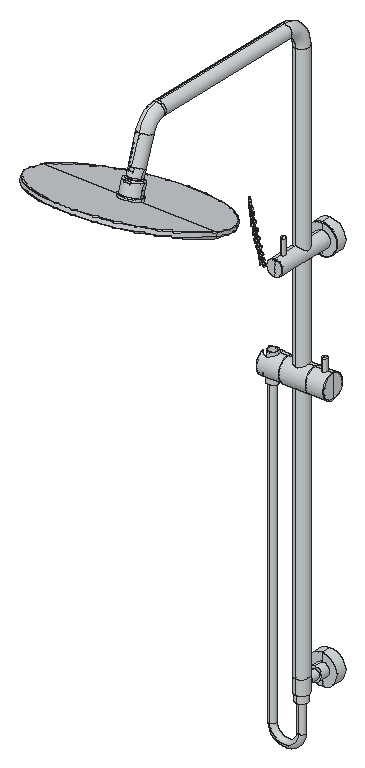
Revit family "Reece_Shower_Mizu_Drift_Twin Waterrail_Brass_300 mm", category Plumbing Fixtures, host Face, Revit 2018
Family settings
  Host = Face
  Round Connector Dimension = Use Diameter
  Part Type = Normal
  Cut with Voids When Loaded = Yes
  Shared = Yes
  Room Calculation Point = Yes
Parameters (values of type "Brushed Nickel")
  URL = "https://www.reece.com.au/product/-9508228"
  Type Comments = "Shower"
  Reece_Shower_Inlet = 15 mm  # constant formula
  Reece_Product_Web Page = "https://www.reece.com.au/product/-9508228"
  Reece_Product_Type = "Shower"  # constant formula
  Reece_Product_Sub Brand = "Drift"  # constant formula
  Reece_Product_Number = "9508228"
  Reece_Product_Mount = "Wall Mounted"
  Reece_Product_Description = "Mizu Drift Twin Rail Shower with 300 Brass Overhead with Top Rail Water Inlet Brushed Nickel (3 Star)"
  Reece_Product_Brand = "Mizu"  # constant formula
  Reece_Overall_Reach = 355 mm  # constant formula
  Reece_Overall_Height = 1062 mm  # constant formula
  Reece_Material_Secondary = Reece_Plastic_White
  Reece_Material_Main = Reece_Brass_Brushed Nickel
  Reece_Height_From_Level [instance] = 1800 mm
  Reece_Fixing_Distance = 665 mm  # constant formula
  Reece_Detail_Shape = ""
  Reece_Detail_Installation = ""
  Reece_Detail_Disclaimer = "THIS FILE IS THE PROPERTY OF THE REECE GROUP. IT MAY NOT BE REPRODUCED, REVERSE-ENGINEERED, OR MODIFIED. ANY REPUBLICATION, TRANSMISSION, OR DISTRIBUTION FOR THE PURPOSE OF COMMERCIALLY EXPLOITING THE FILES IS PROHIBITED."  # constant formula
  Reece_Detail_Connector = ""
  Reece_Detail_Additional = "Brass"  # constant formula
  Reece_Backplate_Diameter = 52 mm  # constant formula
  Model = "Drift"
  Manufacturer = "Mizu"
  Keynote = "Product #9508228, Reece_Shower_Mizu_Drift_Twin Waterrail_Brass_300 mm - Brushed Nickel"
  Disclaimer = "THIS FILE IS THE PROPERTY OF THE REECE GROUP. IT MAY NOT BE REPRODUCED, REVERSE-ENGINEERED, OR MODIFIED. ANY REPUBLICATION, TRANSMISSION, OR DISTRIBUTION FOR THE PURPOSE OF COMMERCIALLY EXPLOITING THE FILES IS PROHIBITED."  # constant formula
  Description = "Mizu Drift Twin Rail Shower with 300 Brass Overhead with Top Rail Water Inlet Brushed Nickel (3 Star)"
  Default Elevation = 0 mm
Reference planes
  plane 1 "Center (Front/Back)": y = 0
  plane 2 "Height From Floor": z = 1800
  plane 3 "Center (Left/Right)": x = 0
  plane 4 "Bottom Of Invisible Line": z = -5
  plane 5 "Main Rail": y = -61.789
  plane 6: x = -26.264
  plane 7: x = 26.259
  plane 8: x = -62.01
  plane 9: x = 54.167
  plane 10: x = -12
  plane 11: x = 12
  plane 12: x = -51.731
  plane 13: y = -416.789
  plane 14: z = 1931.415
  plane 15: z = 869.415
  plane 16: z = 1562.444
  plane 17: z = 897.444
Forms (mm)
  Revolve 1, solid, material "Reece_Brass_Brushed Nickel" <- "Reece_Material_Main"
    sketch origin (0, 0, -902.556) x (0, 1, 0) y (0, 0, 1)
      loop
        line (0, 2491.256) -> (-16.624, 2491.256) -> (-17.249, 2490.597) -> (-17.249, 2478.737) -> (-118.873, 2478.737) -> (-118.873, 2477.936) -> (-120.126, 2477.936) -> (-120.126, 2465) -> (0, 2465) -> (0, 2491.256)
      axis (0, 2465) -> (-120.126, 2465)
    angle from 0 to 360
  Sweep 2, solid, material "Reece_Brass_Brushed Nickel" <- "Reece_Material_Main"
    path origin (0, 0, -907.956) x (0, 1, 0) y (0, 0, 1)
      loop
        line (-61.789, 1815.722) -> (-61.789, 2789.908)
        arc (-61.789, 2789.908) -> (-72.626, 2816.071) -> (-98.789, 2826.908) r 37
        line (-98.789, 2826.908) -> (-369.598, 2826.908)
        arc (-369.598, 2826.908) -> (-371.197, 2826.844) -> (-372.786, 2826.653) r 20
        arc (-372.786, 2826.653) -> (-389.466, 2819.027) -> (-399.89, 2803.936) r 34.536
        line (-399.89, 2803.936) -> (-415.957, 2757.889)
    profile origin (0, -61.789, 1394.859) x (0, -1, 0) y (1, 0, 0)
      loop
        circle (0, 0) r 12
      loop
        circle (0, 0) r 11
  Revolve 3, solid, material "Reece_Brass_Brushed Nickel" <- "Reece_Material_Main"
    sketch origin (0, 0, -902.556) x (0, 1, 0) y (0, 0, 1)
      loop
        line (-16.938, 1826.041) -> (-16.938, 1811.872) -> (-33.247, 1811.872) -> (-33.247, 1807.918) -> (-49.556, 1807.918)
        arc (-49.556, 1807.918) -> (-50.255, 1808.208) -> (-50.545, 1808.907) r 0.989
        line (-50.545, 1808.907) -> (-60.5, 1808.907) -> (-60.5, 1800) -> (0, 1800) -> (0, 1826.041) -> (-16.938, 1826.041)
      axis (0, 1800) -> (-60.5, 1800)
    angle from 0 to 360
  Revolve 4, solid, material "Reece_Brass_Brushed Nickel" <- "Reece_Material_Main"
    sketch origin (0, 0, -907.956) x (0, 1, 0) y (0, 0, 1)
      loop
        line (-49.789, 1817.722) -> (-61.789, 1817.722) -> (-61.789, 1777.372) -> (-51.438, 1777.372) -> (-51.438, 1790.372) -> (-49.789, 1790.372) -> (-49.789, 1817.722)
      axis (-61.789, 1817.722) -> (-61.789, 1777.372)
    angle from 0 to 360
  Revolve 5, solid, material "Reece_Brass_Brushed Nickel" <- "Reece_Material_Main"
    sketch origin (-4.375, -61.789, 869.665) x (0, 0, -1) y (-1, 0, 0)
      loop
        line (-523.643, 18.229) -> (-523.643, -27.21) -> (-513.559, -27.21) -> (-513.559, -28.17) -> (-523.643, -28.17) -> (-523.643, -57.581)
        arc (-523.643, -57.581) -> (-523.361, -58.26) -> (-522.683, -58.541) r 0.96
        line (-522.683, -58.541) -> (-503.085, -58.541) -> (-503.085, 57.614) -> (-522.56, 57.614)
        arc (-522.56, 57.614) -> (-523.279, 57.316) -> (-523.577, 56.597) r 1.016
        line (-523.577, 56.597) -> (-523.577, 19.18) -> (-513.559, 19.18) -> (-513.559, 18.229) -> (-523.643, 18.229)
      axis (-503.085, -58.541) -> (-503.085, 57.614)
    angle from 0 to 360
  Sweep 6, solid, material "Reece_Brass_Brushed Nickel" <- "Reece_Material_Main"
    path origin (-1514.172, -61.671, 144.061) x (0, 0, 1) y (-1, 0, 0)
      loop
        line (725.354, -1514.172) -> (675.374, -1514.172)
        arc (675.374, -1514.172) -> (650.225, -1489.023) -> (675.374, -1463.874) r 25.149
        line (675.374, -1463.874) -> (1237.832, -1463.874)
    profile origin (-50.298, -61.671, 1100.664) x (0, -1, 0) y (1, 0, 0)
      loop
        circle (0, 0) r 6
  Revolve 7, solid, material "Reece_Brass_Brushed Nickel" <- "Reece_Material_Main"
    sketch origin (40, 0, 0) x (0, 1, 0) y (0, 0, 1)
      loop
        arc (-64.539, 1413.807) -> (-65.246, 1413.514) -> (-65.539, 1412.807) r 1
        line (-65.539, 1412.807) -> (-65.539, 1370.122) -> (-61.789, 1370.122) -> (-61.789, 1413.807) -> (-64.539, 1413.807)
      axis (-61.789, 1413.807) -> (-61.789, 1370.122)
    angle from 0 to 360
  Revolve 8, solid, material "Reece_Brass_Brushed Nickel" <- "Reece_Material_Main"
    sketch origin (0, 0, 0) x (0, 1, 0) y (0, 0, 1)
      loop
        line (-101.789, 1602.444) -> (-104.289, 1602.444)
        arc (-104.289, 1602.444) -> (-104.996, 1602.151) -> (-105.289, 1601.444) r 1
        line (-105.289, 1601.444) -> (-105.289, 1562.444) -> (-101.789, 1562.444) -> (-101.789, 1602.444)
      axis (-101.789, 1562.444) -> (-101.789, 1602.444)
    angle from 0 to 360
  Extrusion 9, void
    sketch origin (-49.183, -61.83, 1393.509) x (-0.711716, 0.702468, 0) y (-0.702468, -0.711716, 0)
      loop
        line (13.223, 3.117) -> (16.939, 6.783) -> (7.062, 16.79) -> (3.347, 13.123)
        arc (3.347, 13.123) -> (-11.924, 6.698) -> (-9.803, -9.733) r 13.679
        arc (-9.803, -9.733) -> (6.599, -12.069) -> (13.223, 3.117) r 13.679
    from 0 to -48.448
  Revolve 10, solid, material "Reece_Brass_Brushed Nickel" <- "Reece_Material_Main"
    sketch origin (-3.903, -61.789, 1764.892) x (0, 0, -1) y (-1, 0, 0)
      loop
        line (419.83, 45.145) -> (419.83, 55.622) -> (395.047, 56.825) -> (395.047, 54.931) -> (383.598, 54.931)
        arc (383.598, 54.931) -> (383.168, 54.753) -> (382.989, 54.323) r 0.608
        line (382.989, 54.323) -> (382.989, 45.145) -> (419.83, 45.145)
      axis (419.83, 45.145) -> (382.989, 45.145)
    angle from 0 to 360
Cuts and joins
  Extrusion 9 cuts Revolve 5
  joined: Revolve 1, Sweep 2, Revolve 5, Revolve 7, Revolve 8
Lines and regions (mm)
  model lines, style "InvisibleLines"
    curve 1: line (0, 0, -5) -> (0, 0, 1562.444)
Text (mm)
  text "Reece ©" at (2698.289, -2541.173, 2777.35), in view "Reece Preview"
  text "Reece Copyright © 2018, Reece Ltd." at (-371.741, -511.635, 0), in view "Ref. Level"
Dimensions and locks
  "Reece_Height_From_Level": plane 2 "Height From Floor" to level
  locked: plane 6 to plane 7 at 52.523
  plane 2 "Height From Floor" to level = 1800 mm
  locked: plane 9 to plane 8 at 116.177
  locked: plane 11 to plane 10 at 24
  plane 9 to plane 8 = 116.177 mm
  plane 6 to plane 7 = 52.523 mm
  level to plane 2 "Height From Floor" = 1800 mm
  "Reece_Overall_Reach": plane 5 "Main Rail" to plane 13
  "Reece_Overall_Height": plane 14 to plane 15
  plane 15 to plane 17 to plane 16 = 28.028 mm locked, 665 mm locked
  plane 14 to plane 15 = 1062 mm
  plane 16 to plane 17 = 665 mm
  nested 2 to nested 2 = 300 mm
  locked: plane 16 to plane 2 "Height From Floor" at 237.556
  aligned and locked: plane 4 "Bottom Of Invisible Line" to curve 1
  aligned and locked: plane 3 "Center (Left/Right)" to curve 1
  aligned and locked: plane 16 to Revolve 1 sketch curve
  aligned and locked: plane 16 to curve 1
  aligned and locked: Extrusion 9 to Revolve 10
Automatic sketch dimensions
  curve 1 to plane 3 "Center (Left/Right)" = 0 mm
  curve 1 to plane 16 = 0 mm
  plane 16 to Revolve 1 sketch curve = 0 mm
  Revolve 1 sketch curve to plane 1 "Center (Front/Back)" = 0 mm
  plane 1 "Center (Front/Back)" to Revolve 1 sketch curve = 16.624 mm
  Revolve 1 sketch curve to Revolve 1 sketch curve = 0.626 mm
  Revolve 1 sketch curve to plane 16 = 13.737 mm
  Revolve 1 sketch curve to plane 5 "Main Rail" = 57.084 mm
  Revolve 1 sketch curve to Revolve 1 sketch curve = 1.252 mm
  Revolve 1 sketch curve to Revolve 1 sketch curve = 0.8 mm
  Revolve 1 sketch curve to Revolve 1 sketch curve = 11.86 mm
  Revolve 1 sketch curve to Revolve 1 sketch curve = 0.659 mm
  Revolve 1 sketch curve to Revolve 1 sketch curve = 69.203 mm
  Revolve 1 sketch curve to Revolve 1 sketch curve = 40.671 mm
  Sweep 2 sketch curve to plane 5 "Main Rail" = 0 mm
  Sweep 2 sketch curve to Sweep 2 sketch curve = 37 mm
  plane 13 to Sweep 2 sketch curve = 49.508 mm
  Sweep 2 sketch curve to plane 14 = 12.463 mm
  Sweep 2 sketch curve to Sweep 2 sketch curve = 2.317 mm
  plane 13 to Sweep 2 sketch curve = 16.9 mm
  Sweep 2 sketch curve to Sweep 2 sketch curve = 34.35 mm
  Sweep 2 sketch curve to Sweep 2 sketch curve = 11.378 mm
  Sweep 2 sketch curve to Sweep 2 sketch curve = 14.35 mm
  plane 13 to Sweep 2 sketch curve = 0.832 mm
  Sweep 2 sketch curve to Sweep 2 sketch curve = 46.047 mm
  Sweep 2 sketch curve to plane 17 = 10.322 mm
  Sweep 2 sketch curve to Sweep 2 sketch curve = 0 mm  (x2)
  Sweep 2 sketch curve to profile plane = 0 mm  (x2)
  Revolve 3 sketch curve to plane 17 = 0 mm  (x2)
  Revolve 3 sketch curve to plane 1 "Center (Front/Back)" = 0 mm
  plane 1 "Center (Front/Back)" to Revolve 3 sketch curve = 16.938 mm
  Revolve 3 sketch curve to Revolve 3 sketch curve = 16.31 mm
  plane 5 "Main Rail" to Revolve 3 sketch curve = 12.233 mm
  Revolve 3 sketch curve to Revolve 3 sketch curve = 0.989 mm
  plane 5 "Main Rail" to Revolve 3 sketch curve = 1.289 mm
  Revolve 3 sketch curve to plane 17 = 7.918 mm
  Revolve 3 sketch curve to Revolve 3 sketch curve = 3.954 mm
  Revolve 3 sketch curve to Revolve 3 sketch curve = 14.168 mm
  Revolve 3 sketch curve to plane 5 "Main Rail" = 48.211 mm
  Revolve 3 sketch curve to plane 1 "Center (Front/Back)" = 45 mm
  Revolve 4 sketch curve to plane 5 "Main Rail" = 0 mm  (x2)
  plane 15 to Revolve 4 sketch curve = 0 mm
  plane 5 "Main Rail" to Revolve 4 sketch curve = 10.352 mm
  plane 5 "Main Rail" to Revolve 4 sketch curve = 12 mm
  Revolve 4 sketch curve to Revolve 4 sketch curve = 13 mm
  Revolve 4 sketch curve to plane 17 = 12.322 mm
  Revolve 4 sketch curve to plane 15 = 53.187 mm
  Revolve 4 sketch curve to Revolve 4 sketch curve = 16.712 mm
  Revolve 5 sketch curve to plane 6 = 3.661 mm
  plane 16 to Revolve 5 sketch curve = 169.136 mm
  Revolve 5 sketch curve to plane 9 = 0.961 mm
  Revolve 5 sketch curve to Revolve 5 sketch curve = 0 mm  (x2)
  Revolve 5 sketch curve to Revolve 5 sketch curve = 0.066 mm
  Revolve 5 sketch curve to plane 9 = 0.001 mm
  Revolve 5 sketch curve to Revolve 5 sketch curve = 1.016 mm
  plane 7 to Revolve 5 sketch curve = 2.464 mm
  Revolve 5 sketch curve to Revolve 5 sketch curve = 10.084 mm
  Revolve 5 sketch curve to Revolve 5 sketch curve = 10.018 mm
  plane 8 to Revolve 5 sketch curve = 0.021 mm
  Revolve 5 sketch curve to Revolve 5 sketch curve = 19.475 mm
  Revolve 5 sketch curve to Revolve 5 sketch curve = 0.96 mm
  Revolve 5 sketch curve to Revolve 5 sketch curve = 0.951 mm
  plane 9 to Revolve 5 sketch curve = 15.655 mm
  Revolve 5 sketch curve to plane 8 = 23.168 mm
  Sweep 6 sketch curve to profile plane = 0 mm
  profile plane to Sweep 6 sketch curve = 0 mm
  Revolve 7 sketch curve to plane 5 "Main Rail" = 0 mm  (x2)
  Revolve 7 sketch curve to plane 5 "Main Rail" = 2.75 mm
  Revolve 7 sketch curve to Revolve 7 sketch curve = 1 mm
  plane 16 to Revolve 7 sketch curve = 192.322 mm
  Revolve 7 sketch curve to Revolve 7 sketch curve = 42.685 mm
  Revolve 7 sketch curve to Revolve 7 sketch curve = 46.315 mm
  Revolve 7 sketch curve to Revolve 7 sketch curve = 15 mm
  plane 16 to Revolve 8 sketch curve = 0 mm
  Revolve 8 sketch curve to plane 5 "Main Rail" = 43.5 mm
  Revolve 8 sketch curve to Revolve 8 sketch curve = 1 mm
  Revolve 8 sketch curve to Revolve 8 sketch curve = 3.5 mm
  Revolve 8 sketch curve to plane 16 = 39 mm
  Revolve 8 sketch curve to Revolve 8 sketch curve = 0 mm  (x2)
  Revolve 8 sketch curve to Revolve 8 sketch curve = 13.3 mm
  plane 8 to Revolve 10 sketch curve = 3.784 mm
  plane 16 to Revolve 10 sketch curve = 180.542 mm
  Revolve 10 sketch curve to Revolve 10 sketch curve = 0.608 mm
  Revolve 10 sketch curve to Revolve 10 sketch curve = 11.449 mm
  plane 12 to Revolve 10 sketch curve = 2.683 mm  (x2)
  Revolve 10 sketch curve to Revolve 10 sketch curve = 24.783 mm
  plane 8 to Revolve 10 sketch curve = 2.485 mm
  plane 8 to Revolve 10 sketch curve = 1.282 mm
  Revolve 10 sketch curve to Revolve 10 sketch curve = 14.995 mm
  Revolve 10 sketch curve to Revolve 10 sketch curve = 8.164 mm
  Sweep 6 sketch curve to plane 3 "Center (Left/Right)" = 0 mm
  Sweep 6 sketch curve to plane 15 = 0 mm
  Sweep 6 sketch curve to plane 6 = 1.115 mm
  Sweep 6 sketch curve to plane 15 = 49.98 mm
  plane 16 to Sweep 6 sketch curve = 180.551 mm
  Extrusion 9 sketch curve to nested 1 = 3.347 mm
  Extrusion 9 sketch curve to Extrusion 9 sketch curve = 3.715 mm  (x2)
  Extrusion 9 sketch curve to Extrusion 9 sketch curve = 0 mm  (x3)
  nested 1 to Extrusion 9 sketch curve = 0.067 mm
  Extrusion 9 sketch curve to Extrusion 9 sketch curve = 3.24 mm
  Extrusion 9 sketch curve to Extrusion 9 sketch curve = 3.667 mm
  Extrusion 9 sketch curve to Extrusion 9 sketch curve = 9.609 mm
  radius of Sweep 2 sketch curve = 12 mm
  radius of Sweep 2 sketch curve = 11 mm
  radius of Sweep 6 sketch curve = 6 mm
Nested families
  nested 1: "Reece_Shower_Mizu_Drift_Shower Handpiece_Nested" at (-49.183, -61.83, 1381.893) x (0.7117, -0.7025, 0) z (0, 0, 1), Reece_Material_Main <- "Reece_Material_Main", Reece_Material_Colour <- "Reece_Material_Main", Reece_Material_Secondary <- "Reece_Material_Secondary", type "Chrome"
    with Reece_Material_Secondary Reece_Plastic_White, Reece_Material_Main Reece_Brass_Brushed Nickel, Reece_Material_Colour Reece_Brass_Brushed Nickel
  nested 2: "Reece_Shower_Mizu_Drift_Overhead Shower_Brass_300 mm" at (0, -416.266, 1850.041) x (1, 0, 0) z (0, -0.3295, -0.9442), Reece_Material_Main <- "Reece_Material_Main", type "Chrome"
    with Reece_Material_Main Reece_Brass_Brushed Nickel
Connectors
  piping at (0, 0, 1562.444), diameter 15, driven by "Reece_Shower_Inlet"
    settings: on cut or joined group of Revolve 1, Sweep 2, Revolve 5, Revolve 7, Revolve 8, Extrusion 9, index 1, connector inside diameter 609.6 mm, connector length 0 mm, flow factor 0, pipe flow 0.0 L/s, pressure drop 0.0 Pa, fitting loss kfactor 0, connector angle 0.00°, fixture units 0, engagement length 0 mm, angle of deflection 0.00°, flow configuration 0, flow direction 1, fitting loss method 0, system type 29, joint type 0, gender type 0, connector reference index -1, connector utility 0, adjustable connector no, is connector primary yes, connector description ""
Definition of nested family "Reece_Shower_Mizu_Drift_Shower Handpiece_Nested"
  Parameters (values of type "Chrome")
    Waste Connection = no
    WFU = 0
    Vent Connection = no
    URL = ""
    Type Comments = ""
    Reece_Material_Secondary [instance] = none
    Reece_Material_Main [instance] = none
    Reece_Material_Colour [instance] = none
    Model = ""
    Manufacturer = ""
    Keynote = ""
    HWFU = 0
    HW Connection = no
    Description = ""
    Default Elevation = 0 mm
    Cost = 0
    CWFU = 0
    CW Connection = no
    Assembly Code = ""
  Reference planes
    plane 1 "Center (Front/Back)": y = 0
    plane 2: z = 0
    plane 3 "Center (Left/Right)": x = 0
    plane 4: z = 255
    plane 5: x = -60
    plane 6: x = 60
  Forms (mm)
    Extrusion 1, solid
      sketch origin (619.2, 20, 0) x (1, 0, 0) y (0, 1, 0)
        loop
          line (-819.2, 180) -> (-819.2, -220) -> (-419.2, -220) -> (-419.2, 180) -> (-819.2, 180)
      from 0 to -35.776
    Revolve 2, solid, material <- "Reece_Material_Main"
      sketch origin (0, 0, 0) x (0, 1, 0) y (0, 0, 1)
        loop
          line (-7.5, 11.616) -> (-8.5, 11.616) -> (-8.5, 0) -> (-7.5, 0) -> (-7.5, 11.616)
        axis (0, 0) -> (0, 11.616)
      angle from 0 to 360
  Lines and regions (mm)
    symbolic lines
      curve 1: line (0, -22.136, 179.364) -> (0, -21.362, 176.008)
      curve 2: line (0, -26.02, 199.414) -> (0, -25.201, 193.587)
      curve 3: line (0, -19.431, 255) -> (0, -30.176, 252.685)
      curve 4: arc (0, 14.966, 137.397) -> (0, 14.959, 152.795) -> (0, 14.541, 168.187) r 577.554
      curve 5: arc (0, 14.541, 168.187) -> (0, 11.325, 194.182) -> (0, 3.089, 219.046) r 133.347
      curve 6: arc (0, 3.089, 219.046) -> (0, -3.855, 232.791) -> (0, -12.127, 245.779) r 155.227
      curve 7: line (0, 14.966, 137.397) -> (0, 14.842, 11.613)
      curve 8: arc (0, -12.127, 245.779) -> (0, -15.656, 250.487) -> (0, -19.431, 255) r 110.528
  Text (mm)
    text "Reece Copyright © 2018, Reece Ltd." at (-300.508, -247.823, 0), in view "Ref. Level"
    text "Reece ©" at (272.095, 31.797, 358.34), in view "Reece_Preview"
  Dimensions and locks
    aligned and locked: Extrusion 1 to plane 2
    aligned and locked: level to Extrusion 1
  Nested families
    nested 1: "Reece_Shower_Nib_Small_White_Nested" at (0.047, -29.828, 240.453) x (1, 0, 0) z (0, -0.9995, -0.0314), Reece_Material_Secondary <- "Reece_Material_Secondary", type "Reece_Shower_Nib_Small_White_Nested", detail levels fine
      with Reece_Material_Secondary none
    nested 2: "Reece_Shower_Nib_Small_White_Nested" at (0.014, -29.356, 230.37) x (1, -0.0001, 0) z (-0.0001, -0.9981, -0.0622), Reece_Material_Secondary <- "Reece_Material_Secondary", type "Reece_Shower_Nib_Small_White_Nested", detail levels fine
      with Reece_Material_Secondary none
    nested 3: "Reece_Shower_Nib_Small_White_Nested" at (-11.457, -29.522, 238.899) x (0.999, -0.0437, -0.0016) z (-0.0438, -0.9984, -0.0362), Reece_Material_Secondary <- "Reece_Material_Secondary", type "Reece_Shower_Nib_Small_White_Nested", detail levels fine
      with Reece_Material_Secondary none
    nested 4: "Reece_Shower_Nib_Small_White_Nested" at (-10.961, -29.009, 228.585) x (0.9991, -0.0417, -0.0028) z (-0.0418, -0.9969, -0.0672), Reece_Material_Secondary <- "Reece_Material_Secondary", type "Reece_Shower_Nib_Small_White_Nested", detail levels fine
      with Reece_Material_Secondary none
    nested 5: "Reece_Shower_Nib_Small_White_Nested" at (-22.227, -28.646, 234.601) x (0.9964, -0.0844, -0.0042) z (-0.0845, -0.9952, -0.0495), Reece_Material_Secondary <- "Reece_Material_Secondary", type "Reece_Shower_Nib_Small_White_Nested", detail levels fine
      with Reece_Material_Secondary none
    nested 6: "Reece_Shower_Nib_Small_White_Nested" at (-20.896, -28.033, 223.651) x (0.9968, -0.0801, -0.0066) z (-0.0804, -0.9934, -0.082), Reece_Material_Secondary <- "Reece_Material_Secondary", type "Reece_Shower_Nib_Small_White_Nested", detail levels fine
      with Reece_Material_Secondary none
    nested 7: "Reece_Shower_Nib_Small_White_Nested" at (-10.667, -28.148, 218.098) x (0.9992, -0.0397, -0.0039) z (-0.0398, -0.9943, -0.0986), Reece_Material_Secondary <- "Reece_Material_Secondary", type "Reece_Shower_Nib_Small_White_Nested", detail levels fine
      with Reece_Material_Secondary none
    nested 8: "Reece_Shower_Nib_Small_White_Nested" at (-31.48, -27.295, 228.138) x (0.9925, -0.1222, -0.0087) z (-0.1226, -0.9899, -0.0708), Reece_Material_Secondary <- "Reece_Material_Secondary", type "Reece_Shower_Nib_Small_White_Nested", detail levels fine
      with Reece_Material_Secondary none
    nested 9: "Reece_Shower_Nib_Small_White_Nested" at (-38.867, -25.492, 219.34) x (0.9878, -0.1547, -0.0157) z (-0.1555, -0.9828, -0.0997), Reece_Material_Secondary <- "Reece_Material_Secondary", type "Reece_Shower_Nib_Small_White_Nested", detail levels fine
      with Reece_Material_Secondary none
    nested 10: "Reece_Shower_Nib_Small_White_Nested" at (-29.059, -26.493, 215.994) x (0.9932, -0.1154, -0.0126) z (-0.1161, -0.9874, -0.1075), Reece_Material_Secondary <- "Reece_Material_Secondary", type "Reece_Shower_Nib_Small_White_Nested", detail levels fine
      with Reece_Material_Secondary none
    nested 11: "Reece_Shower_Nib_Small_White_Nested" at (-19.251, -26.973, 211.851) x (0.9971, -0.0752, -0.009) z (-0.0757, -0.9901, -0.1184), Reece_Material_Secondary <- "Reece_Material_Secondary", type "Reece_Shower_Nib_Small_White_Nested", detail levels fine
      with Reece_Material_Secondary none
    nested 12: "Reece_Shower_Nib_Small_White_Nested" at (-0.009, -28.57, 220.269) x (1, -0.0002, 0) z (-0.0002, -0.9957, -0.093), Reece_Material_Secondary <- "Reece_Material_Secondary", type "Reece_Shower_Nib_Small_White_Nested", detail levels fine
      with Reece_Material_Secondary none
    nested 13: "Reece_Shower_Nib_Small_White_Nested" at (-24.777, -25.207, 202.516) x (0.9949, -0.1001, -0.0153) z (-0.1012, -0.9834, -0.1507), Reece_Material_Secondary <- "Reece_Material_Secondary", type "Reece_Shower_Nib_Small_White_Nested", detail levels fine
      with Reece_Material_Secondary none
    nested 14: "Reece_Shower_Nib_Small_White_Nested" at (-43.776, -23.407, 208.889) x (0.9838, -0.1778, -0.0245) z (-0.1795, -0.9746, -0.1341), Reece_Material_Secondary <- "Reece_Material_Secondary", type "Reece_Shower_Nib_Small_White_Nested", detail levels fine
      with Reece_Material_Secondary none
    nested 15: "Reece_Shower_Nib_Small_White_Nested" at (-46.001, -21.185, 197.607) x (0.9811, -0.1906, -0.0346) z (-0.1937, -0.9652, -0.1755), Reece_Material_Secondary <- "Reece_Material_Secondary", type "Reece_Shower_Nib_Small_White_Nested", detail levels fine
      with Reece_Material_Secondary none
    nested 16: "Reece_Shower_Nib_Small_White_Nested" at (-36.097, -22.465, 194.992) x (0.9885, -0.1486, -0.028) z (-0.1512, -0.9714, -0.183), Reece_Material_Secondary <- "Reece_Material_Secondary", type "Reece_Shower_Nib_Small_White_Nested", detail levels fine
      with Reece_Material_Secondary none
    nested 17: "Reece_Shower_Nib_Small_White_Nested" at (-25.74, -23.306, 192.227) x (0.9942, -0.1055, -0.021) z (-0.1076, -0.9752, -0.1937), Reece_Material_Secondary <- "Reece_Material_Secondary", type "Reece_Shower_Nib_Small_White_Nested", detail levels fine
      with Reece_Material_Secondary none
    nested 18: "Reece_Shower_Nib_Small_White_Nested" at (-22.673, -21.404, 182.122) x (0.9955, -0.0926, -0.022) z (-0.0951, -0.9686, -0.2298), Reece_Material_Secondary <- "Reece_Material_Secondary", type "Reece_Shower_Nib_Small_White_Nested", detail levels fine
      with Reece_Material_Secondary none
    nested 19: "Reece_Shower_Nib_Small_White_Nested" at (-34.036, -20.45, 183.982) x (0.9898, -0.139, -0.0324) z (-0.1427, -0.9639, -0.2246), Reece_Material_Secondary <- "Reece_Material_Secondary", type "Reece_Shower_Nib_Small_White_Nested", detail levels fine
      with Reece_Material_Secondary none
    nested 20: "Reece_Shower_Nib_Small_White_Nested" at (-44.97, -19.067, 186.243) x (0.9814, -0.1872, -0.0425) z (-0.192, -0.957, -0.2173), Reece_Material_Secondary <- "Reece_Material_Secondary", type "Reece_Shower_Nib_Small_White_Nested", detail levels fine
      with Reece_Material_Secondary none
    nested 21: "Reece_Shower_Nib_Small_White_Nested" at (-41.378, -17.118, 175.502) x (0.9841, -0.1718, -0.0454) z (-0.1777, -0.9514, -0.2514), Reece_Material_Secondary <- "Reece_Material_Secondary", type "Reece_Shower_Nib_Small_White_Nested", detail levels fine
      with Reece_Material_Secondary none
    nested 22: "Reece_Shower_Nib_Small_White_Nested" at (-29.136, -18.673, 174.096) x (0.9923, -0.1201, -0.0314) z (-0.1241, -0.96, -0.2508), Reece_Material_Secondary <- "Reece_Material_Secondary", type "Reece_Shower_Nib_Small_White_Nested", detail levels fine
      with Reece_Material_Secondary none
    nested 23: "Reece_Shower_Nib_Small_White_Nested" at (-15.261, -20.125, 174.21) x (0.997, -0.0751, -0.0186) z (-0.0773, -0.9678, -0.2397), Reece_Material_Secondary <- "Reece_Material_Secondary", type "Reece_Shower_Nib_Small_White_Nested", detail levels fine
      with Reece_Material_Secondary none
    nested 24: "Reece_Shower_Nib_Small_White_Nested" at (-34.784, -15.561, 165.766) x (0.9882, -0.1474, -0.0427) z (-0.1534, -0.9491, -0.275), Reece_Material_Secondary <- "Reece_Material_Secondary", type "Reece_Shower_Nib_Small_White_Nested", detail levels fine
      with Reece_Material_Secondary none
    nested 25: "Reece_Shower_Nib_Small_White_Nested" at (-21.264, -17.515, 166.328) x (0.9947, -0.0991, -0.0271) z (-0.1028, -0.9595, -0.2623), Reece_Material_Secondary <- "Reece_Material_Secondary", type "Reece_Shower_Nib_Small_White_Nested", detail levels fine
      with Reece_Material_Secondary none
    nested 26: "Reece_Shower_Nib_Small_White_Nested" at (-26.304, -14.522, 158.05) x (0.9918, -0.1223, -0.0371) z (-0.1278, -0.9491, -0.2878), Reece_Material_Secondary <- "Reece_Material_Secondary", type "Reece_Shower_Nib_Small_White_Nested", detail levels fine
      with Reece_Material_Secondary none
    nested 27: "Reece_Shower_Nib_Big_White_Nested" at (0.001, -27.136, 207.583) x (1, -0.0001, 0) z (-0.0001, -0.9913, -0.1317), Reece_Material_Secondary <- "Reece_Material_Secondary", type "Reece_Shower_Nib_Big_White_Nested", detail levels fine
      with Reece_Material_Secondary none
    nested 28: "Reece_Shower_Nib_Big_White_Nested" at (-10.533, -26.172, 202.161) x (0.9992, -0.0392, -0.0059) z (-0.0396, -0.988, -0.1491), Reece_Material_Secondary <- "Reece_Material_Secondary", type "Reece_Shower_Nib_Big_White_Nested", detail levels fine
      with Reece_Material_Secondary none
    nested 29: "Reece_Shower_Nib_Big_White_Nested" at (-10.619, -23.536, 187.593) x (0.9989, -0.0468, -0.01) z (-0.0478, -0.9767, -0.2093), Reece_Material_Secondary <- "Reece_Material_Secondary", type "Reece_Shower_Nib_Big_White_Nested", detail levels fine
      with Reece_Material_Secondary none
    nested 30: "Reece_Shower_Nib_Big_White_Nested" at (-0.022, -22.702, 182.004) x (1, -0.0008, -0.0002) z (-0.0008, -0.9778, -0.2097), Reece_Material_Secondary <- "Reece_Material_Secondary", type "Reece_Shower_Nib_Big_White_Nested", detail levels fine
      with Reece_Material_Secondary none
    nested 31: "Reece_Shower_Nib_Small_White_Nested" at (-34.35, -24.717, 205.754) x (0.9949, -0.1001, -0.0153) z (-0.1012, -0.9834, -0.1507), Reece_Material_Secondary <- "Reece_Material_Secondary", type "Reece_Shower_Nib_Small_White_Nested", detail levels fine
      with Reece_Material_Secondary none
    nested 32: "Reece_Shower_Nib_Small_White_Nested" at (11.457, -29.522, 238.899) x (-0.999, -0.0437, -0.0016) z (0.0438, -0.9984, -0.0362), Reece_Material_Secondary <- "Reece_Material_Secondary", type "Reece_Shower_Nib_Small_White_Nested", detail levels fine
      with Reece_Material_Secondary none
    nested 33: "Reece_Shower_Nib_Small_White_Nested" at (10.961, -29.009, 228.585) x (-0.9991, -0.0417, -0.0028) z (0.0418, -0.9969, -0.0672), Reece_Material_Secondary <- "Reece_Material_Secondary", type "Reece_Shower_Nib_Small_White_Nested", detail levels fine
      with Reece_Material_Secondary none
    nested 34: "Reece_Shower_Nib_Small_White_Nested" at (22.227, -28.646, 234.601) x (-0.9964, -0.0844, -0.0042) z (0.0845, -0.9952, -0.0495), Reece_Material_Secondary <- "Reece_Material_Secondary", type "Reece_Shower_Nib_Small_White_Nested", detail levels fine
      with Reece_Material_Secondary none
    nested 35: "Reece_Shower_Nib_Small_White_Nested" at (20.896, -28.033, 223.651) x (-0.9968, -0.0801, -0.0066) z (0.0804, -0.9934, -0.082), Reece_Material_Secondary <- "Reece_Material_Secondary", type "Reece_Shower_Nib_Small_White_Nested", detail levels fine
      with Reece_Material_Secondary none
    nested 36: "Reece_Shower_Nib_Small_White_Nested" at (10.667, -28.148, 218.098) x (-0.9992, -0.0397, -0.0039) z (0.0398, -0.9943, -0.0986), Reece_Material_Secondary <- "Reece_Material_Secondary", type "Reece_Shower_Nib_Small_White_Nested", detail levels fine
      with Reece_Material_Secondary none
    nested 37: "Reece_Shower_Nib_Small_White_Nested" at (31.48, -27.295, 228.138) x (-0.9925, -0.1222, -0.0087) z (0.1226, -0.9899, -0.0708), Reece_Material_Secondary <- "Reece_Material_Secondary", type "Reece_Shower_Nib_Small_White_Nested", detail levels fine
      with Reece_Material_Secondary none
    nested 38: "Reece_Shower_Nib_Small_White_Nested" at (38.867, -25.492, 219.34) x (-0.9878, -0.1547, -0.0157) z (0.1555, -0.9828, -0.0997), Reece_Material_Secondary <- "Reece_Material_Secondary", type "Reece_Shower_Nib_Small_White_Nested", detail levels fine
      with Reece_Material_Secondary none
    nested 39: "Reece_Shower_Nib_Small_White_Nested" at (19.251, -26.973, 211.851) x (-0.9971, -0.0752, -0.009) z (0.0757, -0.9901, -0.1184), Reece_Material_Secondary <- "Reece_Material_Secondary", type "Reece_Shower_Nib_Small_White_Nested", detail levels fine
      with Reece_Material_Secondary none
    nested 40: "Reece_Shower_Nib_Small_White_Nested" at (29.059, -26.493, 215.994) x (-0.9932, -0.1154, -0.0126) z (0.1161, -0.9874, -0.1075), Reece_Material_Secondary <- "Reece_Material_Secondary", type "Reece_Shower_Nib_Small_White_Nested", detail levels fine
      with Reece_Material_Secondary none
    nested 41: "Reece_Shower_Nib_Small_White_Nested" at (24.777, -25.207, 202.516) x (-0.9949, -0.1001, -0.0153) z (0.1012, -0.9834, -0.1507), Reece_Material_Secondary <- "Reece_Material_Secondary", type "Reece_Shower_Nib_Small_White_Nested", detail levels fine
      with Reece_Material_Secondary none
    nested 42: "Reece_Shower_Nib_Small_White_Nested" at (43.776, -23.407, 208.889) x (-0.9838, -0.1778, -0.0245) z (0.1795, -0.9746, -0.1341), Reece_Material_Secondary <- "Reece_Material_Secondary", type "Reece_Shower_Nib_Small_White_Nested", detail levels fine
      with Reece_Material_Secondary none
    nested 43: "Reece_Shower_Nib_Small_White_Nested" at (46.001, -21.185, 197.607) x (-0.9811, -0.1906, -0.0346) z (0.1937, -0.9652, -0.1755), Reece_Material_Secondary <- "Reece_Material_Secondary", type "Reece_Shower_Nib_Small_White_Nested", detail levels fine
      with Reece_Material_Secondary none
    nested 44: "Reece_Shower_Nib_Small_White_Nested" at (36.097, -22.465, 194.992) x (-0.9885, -0.1486, -0.028) z (0.1512, -0.9714, -0.183), Reece_Material_Secondary <- "Reece_Material_Secondary", type "Reece_Shower_Nib_Small_White_Nested", detail levels fine
      with Reece_Material_Secondary none
    nested 45: "Reece_Shower_Nib_Small_White_Nested" at (25.74, -23.306, 192.227) x (-0.9942, -0.1055, -0.021) z (0.1076, -0.9752, -0.1937), Reece_Material_Secondary <- "Reece_Material_Secondary", type "Reece_Shower_Nib_Small_White_Nested", detail levels fine
      with Reece_Material_Secondary none
    nested 46: "Reece_Shower_Nib_Small_White_Nested" at (22.673, -21.404, 182.122) x (-0.9955, -0.0926, -0.022) z (0.0951, -0.9686, -0.2298), Reece_Material_Secondary <- "Reece_Material_Secondary", type "Reece_Shower_Nib_Small_White_Nested", detail levels fine
      with Reece_Material_Secondary none
    nested 47: "Reece_Shower_Nib_Small_White_Nested" at (34.036, -20.45, 183.982) x (-0.9898, -0.139, -0.0324) z (0.1427, -0.9639, -0.2246), Reece_Material_Secondary <- "Reece_Material_Secondary", type "Reece_Shower_Nib_Small_White_Nested", detail levels fine
      with Reece_Material_Secondary none
    nested 48: "Reece_Shower_Nib_Small_White_Nested" at (44.97, -19.067, 186.243) x (-0.9814, -0.1872, -0.0425) z (0.192, -0.957, -0.2173), Reece_Material_Secondary <- "Reece_Material_Secondary", type "Reece_Shower_Nib_Small_White_Nested", detail levels fine
      with Reece_Material_Secondary none
    nested 49: "Reece_Shower_Nib_Small_White_Nested" at (41.378, -17.118, 175.502) x (-0.9841, -0.1718, -0.0454) z (0.1777, -0.9514, -0.2514), Reece_Material_Secondary <- "Reece_Material_Secondary", type "Reece_Shower_Nib_Small_White_Nested", detail levels fine
      with Reece_Material_Secondary none
    nested 50: "Reece_Shower_Nib_Small_White_Nested" at (29.136, -18.673, 174.096) x (-0.9923, -0.1201, -0.0314) z (0.1241, -0.96, -0.2508), Reece_Material_Secondary <- "Reece_Material_Secondary", type "Reece_Shower_Nib_Small_White_Nested", detail levels fine
      with Reece_Material_Secondary none
    nested 51: "Reece_Shower_Nib_Small_White_Nested" at (15.261, -20.125, 174.21) x (-0.997, -0.0751, -0.0186) z (0.0773, -0.9678, -0.2397), Reece_Material_Secondary <- "Reece_Material_Secondary", type "Reece_Shower_Nib_Small_White_Nested", detail levels fine
      with Reece_Material_Secondary none
    nested 52: "Reece_Shower_Nib_Small_White_Nested" at (34.784, -15.561, 165.766) x (-0.9882, -0.1474, -0.0427) z (0.1534, -0.9491, -0.275), Reece_Material_Secondary <- "Reece_Material_Secondary", type "Reece_Shower_Nib_Small_White_Nested", detail levels fine
      with Reece_Material_Secondary none
    nested 53: "Reece_Shower_Nib_Small_White_Nested" at (21.264, -17.515, 166.328) x (-0.9947, -0.0991, -0.0271) z (0.1028, -0.9595, -0.2623), Reece_Material_Secondary <- "Reece_Material_Secondary", type "Reece_Shower_Nib_Small_White_Nested", detail levels fine
      with Reece_Material_Secondary none
    nested 54: "Reece_Shower_Nib_Small_White_Nested" at (26.304, -14.522, 158.05) x (-0.9918, -0.1223, -0.0371) z (0.1278, -0.9491, -0.2878), Reece_Material_Secondary <- "Reece_Material_Secondary", type "Reece_Shower_Nib_Small_White_Nested", detail levels fine
      with Reece_Material_Secondary none
    nested 55: "Reece_Shower_Nib_Small_White_Nested" at (34.158, -24.539, 205.696) x (0.9902, 0.1381, 0.02) z (0.1396, -0.98, -0.1418), Reece_Material_Secondary <- "Reece_Material_Secondary", type "Reece_Shower_Nib_Small_White_Nested", detail levels fine
      with Reece_Material_Secondary none
    nested 56: "Reece_Shower_Nib_Big_White_Nested" at (10.533, -26.172, 202.161) x (-0.9992, -0.0392, -0.0059) z (0.0396, -0.988, -0.1491), Reece_Material_Secondary <- "Reece_Material_Secondary", type "Reece_Shower_Nib_Big_White_Nested", detail levels fine
      with Reece_Material_Secondary none
    nested 57: "Reece_Shower_Nib_Big_White_Nested" at (10.619, -23.536, 187.593) x (-0.9989, -0.0468, -0.01) z (0.0478, -0.9767, -0.2093), Reece_Material_Secondary <- "Reece_Material_Secondary", type "Reece_Shower_Nib_Big_White_Nested", detail levels fine
      with Reece_Material_Secondary none
    nested 58: "Reece_Shower_Nib_Circle_Nested" at (-0.035, -17.197, 160.053) x (1, -0.0006, -0.0002) z (-0.0006, -0.961, -0.2766), Reece_Material_Main <- "Reece_Material_Main", type "Reece_Shower_Nib_Circle_Nested"
      with Reece_Material_Main none
  Definition of nested family "Reece_Shower_Nib_Small_White_Nested"
    Parameters (values of type "Reece_Shower_Nib_Small_White_Nested")
      Reece_Material_Secondary [instance] = none
      Default Elevation = 0 mm
    Reference planes
      plane 1 "Center (Front/Back)": y = 0
      plane 2: z = 0
      plane 3 "Center (Left/Right)": x = 0
    Forms (mm)
      Extrusion 1, solid
        sketch origin (0, 0, 0) x (1, 0, 0) y (0, 1, 0)
          loop
            line (-9.945, 8.653) -> (-9.945, -8.495) -> (9.512, -8.495) -> (9.512, 8.653) -> (-9.945, 8.653)
        from 0 to -2
      Revolve 2, solid, material <- "Reece_Material_Secondary", detail levels fine
        sketch origin (0, -226.111, 0) x (0, 1, 0) y (0, 0, 1)
          loop
            line (228.111, 0) -> (228.111, 1.5)
            arc (228.111, 1.5) -> (227.965, 1.854) -> (227.611, 2) r 0.5
            line (227.611, 2) -> (226.611, 2) -> (226.611, 0) -> (228.111, 0)
          axis (226.111, 0) -> (226.111, 2)
        angle from 0 to 360
    Text (mm)
      text "Reece ©" at (671.782, -497.484, 486.721), in view "Reece_Preview"
    Dimensions and locks
      aligned and locked: plane 2 to Extrusion 1
      aligned and locked: level to Extrusion 1
  Definition of nested family "Reece_Shower_Nib_Big_White_Nested"
    Parameters (values of type "Reece_Shower_Nib_Big_White_Nested")
      Reece_Material_Secondary [instance] = none
      Default Elevation = 0 mm
    Reference planes
      plane 1 "Center (Front/Back)": y = 0
      plane 2: z = 0
      plane 3 "Center (Left/Right)": x = 0
    Forms (mm)
      Extrusion 1, solid
        sketch origin (0, 0, 0) x (1, 0, 0) y (0, 1, 0)
          loop
            line (-9.945, 8.653) -> (-9.945, -8.495) -> (9.512, -8.495) -> (9.512, 8.653) -> (-9.945, 8.653)
        from 0 to -2
      Revolve 2, solid, material <- "Reece_Material_Secondary", detail levels fine
        sketch origin (0, -226.111, 0) x (0, 1, 0) y (0, 0, 1)
          loop
            line (227.111, 2.453) -> (227.111, 0) -> (228.811, 0) -> (228.811, 1.953)
            arc (228.811, 1.953) -> (228.665, 2.307) -> (228.311, 2.453) r 0.5
            line (228.311, 2.453) -> (227.111, 2.453)
          axis (226.111, 0) -> (226.111, 2.453)
        angle from 0 to 360
    Text (mm)
      text "Reece ©" at (674.707, -492.497, 487.989), in view "Reece_Preview"
    Dimensions and locks
      aligned and locked: plane 2 to Extrusion 1
      aligned and locked: level to Extrusion 1
  Definition of nested family "Reece_Shower_Nib_Circle_Nested"
    Parameters (values of type "Reece_Shower_Nib_Circle_Nested")
      Reece_Material_Main [instance] = none
      Default Elevation = 0 mm
    Reference planes
      plane 1 "Center (Front/Back)": y = 0
      plane 2: z = 0
      plane 3 "Center (Left/Right)": x = 0
    Forms (mm)
      Extrusion 1, solid
        sketch origin (0, 0, 0) x (1, 0, 0) y (0, 1, 0)
          loop
            line (-21.52, 20) -> (-21.52, -19.502) -> (20.947, -19.502) -> (20.947, 20) -> (-21.52, 20)
        from 0 to -2
      Revolve 2, solid, material <- "Reece_Material_Main"
        sketch origin (0, -226.111, 0) x (0, 1, 0) y (0, 0, 1)
          loop
            line (226.111, 6) -> (226.111, 0) -> (239.111, 0) -> (239.111, 6) -> (226.111, 6)
          axis (226.111, 0) -> (226.111, 6)
        angle from 0 to 360
      Extrusion 3, void
        sketch origin (0, 0, 0) x (0, 1, 0) y (0, 0, 1)
          loop
            line (13.507, 2.054) -> (13.507, 8.104) -> (-16.259, 8.104) -> (-16.259, 5.088)
            arc (-16.259, 5.088) -> (-1.476, 2.588) -> (13.507, 2.054) r 113.758
        from -14.088 to 17.744
    Cuts and joins
      Extrusion 3 cuts Revolve 2
    Text (mm)
      text "Reece ©" at (563.97, -536.423, 566.024), in view "Reece_Preview"
    Dimensions and locks
      aligned and locked: plane 2 to Extrusion 1
      aligned and locked: level to Extrusion 1
Definition of nested family "Reece_Shower_Mizu_Drift_Overhead Shower_Brass_300 mm"
  Parameters (values of type "Brushed Nickel")
    WFU = 0  # constant formula
    Reece_Tap_Inlet = 15 mm  # constant formula
    Reece_Product_Web Page = "https://www.reece.com.au/product/-9508187"
    Reece_Product_Sub Brand = "Drift"  # constant formula
    Reece_Product_Number = "9508187"
    Reece_Product_Description = "Mizu Drift Brass Overhead Shower 300mm Brushed Nickel (3 Star)"
    Reece_Product_Brand = "Mizu"  # constant formula
    Reece_Overall_Height = 53 mm  # constant formula
    Reece_Overall-Diameter = 300 mm  # constant formula
    Reece_Material_Main [instance] = none
    Reece_Head_ Thickness = 8 mm  # constant formula
    Reece_Detail_Material = "Brass"  # constant formula
    Reece_Detail_Additional = "Overhead Shower"  # constant formula
    HWFU = 0  # constant formula
    Default Elevation = 0 mm
    CWFU = 0  # constant formula
  Types (3, lengths in mm): name | Reece_Product_Web Page | Reece_Product_Number | Reece_Product_Description
    Chrome | "https://www.reece.com.au/product/-9503923" | "9503923" | "Mizu Drift Brass Overhead Shower 300mm Chrome (3 Star)"
    Brushed Gold | "https://www.reece.com.au/product/-9508792" | "9508792" | "Mizu Drift Brass Overhead Shower 300mm Brushed Gold (3 Star)"
    Brushed Nickel | "https://www.reece.com.au/product/-9508187" | "9508187" | "Mizu Drift Brass Overhead Shower 300mm Brushed Nickel (3 Star)"
  Reference planes
    plane 1 "Center (Front/Back)": y = 0
    plane 2: z = 0
    plane 3 "Center (Left/Right)": x = 0
    plane 4: z = 53
    plane 5: y = 150
    plane 6: y = -150
    plane 7: x = 150
    plane 8: x = -150
    plane 9: z = 45
  Forms (mm)
    Extrusion 1, solid
      sketch origin (619.2, 0, 0) x (1, 0, 0) y (0, 1, 0)
        loop
          line (-802.2, 183) -> (-802.2, -183) -> (-436.2, -183) -> (-436.2, 183) -> (-802.2, 183)
      from 0 to -35.776
    Revolve 2, solid, material <- "Reece_Material_Main"
      sketch origin (0, 0, -187) x (1, 0, 0) y (0, 0, 1)
        loop
          line (0, 240) -> (0, 187) -> (12, 187) -> (12, 200.9) -> (8, 200.9) -> (8, 204.4) -> (8.702, 204.989) -> (14.5, 204.989)
          arc (14.5, 204.989) -> (15.914, 205.575) -> (16.5, 206.989) r 2
          line (16.5, 206.989) -> (16.5, 228) -> (18.5, 228)
          arc (18.5, 228) -> (18.854, 228.146) -> (19, 228.5) r 0.5
          line (19, 228.5) -> (19, 232) -> (149.5, 232)
          arc (149.5, 232) -> (149.854, 232.146) -> (150, 232.5) r 0.5
          line (150, 232.5) -> (150, 239.5)
          arc (150, 239.5) -> (149.854, 239.854) -> (149.5, 240) r 0.5
          line (149.5, 240) -> (0, 240)
        axis (0, 240) -> (0, 187)
      angle from 0 to 360
    Extrusion 3, void
      sketch origin (0, 0, 0) x (1, 0, 0) y (0, 0, 1)
        loop
          line (-4.039, 6.9) -> (-4.039, 0) -> (4.039, 0) -> (4.039, 6.9) -> (-4.039, 6.9)
      from 10.673 to 13.307
    Extrusion 4, void
      sketch origin (0, 0, 0) x (1, 0, 0) y (0, 0, -1)
        loop
          line (-4.039, -6.9) -> (4.039, -6.9) -> (4.039, 0) -> (-4.039, 0) -> (-4.039, -6.9)
      from 10.673 to 13.307
    Extrusion 5, void
      sketch origin (0, 0, 0) x (1, 0, 0) y (0, 0, -1)
        loop
          line (-5.657, -23) -> (5.657, -23) -> (5.657, -20.024)
          arc (5.657, -20.024) -> (5.468, -19.439) -> (4.971, -19.075) r 1
          arc (4.971, -19.075) -> (0, -18.273) -> (-4.971, -19.075) r 15.81
          arc (-4.971, -19.075) -> (-5.468, -19.439) -> (-5.657, -20.024) r 1
          line (-5.657, -20.024) -> (-5.657, -23)
      from 13.307 to 20.436
    Extrusion 6, void
      sketch origin (0, 0, 0) x (1, 0, 0) y (0, 1, 0)
        loop
          circle (0, 0) r 9.5
      from 0 to 12.58
    Extrusion 7, void
      sketch origin (0, 0, 0) x (1, 0, 0) y (0, 0, 1)
        loop
          line (-5.657, 23) -> (-5.657, 20.024)
          arc (-5.657, 20.024) -> (-5.468, 19.439) -> (-4.971, 19.075) r 1
          arc (-4.971, 19.075) -> (0, 18.273) -> (4.971, 19.075) r 15.81
          arc (4.971, 19.075) -> (5.468, 19.439) -> (5.657, 20.024) r 1
          line (5.657, 20.024) -> (5.657, 23) -> (-5.657, 23)
      from 13.307 to 20.436
    Extrusion 8, solid, material <- "Reece_Material_Main"
      sketch origin (0, 0, 0) x (1, 0, 0) y (0, 1, 0)
        loop
          circle (0, 0) r 8
      from 0 to 2.387
  Cuts and joins
    Extrusion 3, Extrusion 4, Extrusion 5, Extrusion 6, Extrusion 7 cuts Revolve 2
  Text (mm)
    text "Reece Copyright © 2018, Reece Ltd." at (-684.407, -223.434, 0), in view "Ref. Level"
    text "Reece Copyright © 2018, Reece Ltd." at (-193.367, 417.356, -558.507), in view "Reece_Preview"
  Dimensions and locks
    equal spacing: plane 5, plane 1 "Center (Front/Back)", plane 6
    equal spacing: plane 8, plane 3 "Center (Left/Right)", plane 7
    "Reece_Overall-Diameter": plane 8 to plane 7
    "Reece_Overall-Diameter": plane 5 to plane 6
    "Reece_Overall_Height": plane 4 to plane 2
    plane 4 to plane 9 to Extrusion 1 = 8 mm, 45 mm
    plane 7 to plane 8 = 300 mm
    aligned and locked: plane 2 to Extrusion 1
    aligned and locked: level to Extrusion 1
    aligned and locked: Revolve 2 sketch curve to plane 7
    aligned and locked: Revolve 2 sketch curve to plane 4
  Automatic sketch dimensions
    Extrusion 1 sketch curve to Extrusion 1 sketch curve = 366 mm  (x2)
    Revolve 2 sketch curve to plane 3 "Center (Left/Right)" = 0 mm  (x2)
    Revolve 2 sketch curve to level = 0 mm
    Revolve 2 sketch curve to plane 9 = 0 mm
    plane 3 "Center (Left/Right)" to Revolve 2 sketch curve = 8 mm
    Revolve 2 sketch curve to Revolve 2 sketch curve = 0.702 mm
    Revolve 2 sketch curve to Revolve 2 sketch curve = 4 mm
    Revolve 2 sketch curve to Revolve 2 sketch curve = 5.798 mm
    Revolve 2 sketch curve to Revolve 2 sketch curve = 2 mm  (x2)
    Revolve 2 sketch curve to Revolve 2 sketch curve = 0.5 mm
    Revolve 2 sketch curve to plane 7 = 0.5 mm
    Revolve 2 sketch curve to plane 4 = 0.5 mm
    level to Revolve 2 sketch curve = 13.9 mm
    Revolve 2 sketch curve to Revolve 2 sketch curve = 3.5 mm
    Revolve 2 sketch curve to Revolve 2 sketch curve = 0.589 mm
    Revolve 2 sketch curve to plane 9 = 4 mm
    Revolve 2 sketch curve to Revolve 2 sketch curve = 796.6 mm
    Revolve 2 sketch curve to Revolve 2 sketch curve = 113.4 mm
    Extrusion 3 sketch curve to level = 0 mm
    Extrusion 3 sketch curve to plane 3 "Center (Left/Right)" = 4.039 mm
    plane 3 "Center (Left/Right)" to Extrusion 3 sketch curve = 4.039 mm
    Extrusion 3 sketch curve to Extrusion 3 sketch curve = 6.9 mm
    Extrusion 4 sketch curve to level = 0 mm
    Extrusion 4 sketch curve to plane 3 "Center (Left/Right)" = 4.039 mm
    plane 3 "Center (Left/Right)" to Extrusion 4 sketch curve = 4.039 mm
    Extrusion 4 sketch curve to Extrusion 4 sketch curve = 6.9 mm
    Extrusion 5 sketch curve to plane 3 "Center (Left/Right)" = 0 mm
    Extrusion 5 sketch curve to plane 3 "Center (Left/Right)" = 4.657 mm
    Extrusion 5 sketch curve to Extrusion 5 sketch curve = 1 mm  (x2)
    plane 3 "Center (Left/Right)" to Extrusion 5 sketch curve = 4.657 mm
    Extrusion 5 sketch curve to plane 9 = 10.918 mm
    Extrusion 5 sketch curve to Extrusion 5 sketch curve = 11.082 mm
    Extrusion 5 sketch curve to Extrusion 5 sketch curve = 2.976 mm  (x2)
    Extrusion 5 sketch curve to Extrusion 5 sketch curve = 0 mm
    plane 1 "Center (Front/Back)" to Extrusion 6 sketch curve = 0 mm
    Extrusion 6 sketch curve to plane 3 "Center (Left/Right)" = 0 mm
    Extrusion 7 sketch curve to plane 3 "Center (Left/Right)" = 0 mm
    Extrusion 7 sketch curve to plane 3 "Center (Left/Right)" = 4.657 mm
    Extrusion 7 sketch curve to Extrusion 7 sketch curve = 1 mm  (x2)
    plane 3 "Center (Left/Right)" to Extrusion 7 sketch curve = 4.657 mm
    level to Extrusion 7 sketch curve = 20.024 mm
    Extrusion 7 sketch curve to Extrusion 7 sketch curve = 0 mm  (x2)
    Extrusion 7 sketch curve to Extrusion 7 sketch curve = 2.976 mm
    Extrusion 7 sketch curve to plane 9 = 10.918 mm
    plane 1 "Center (Front/Back)" to Extrusion 8 sketch curve = 0 mm
    Extrusion 8 sketch curve to plane 3 "Center (Left/Right)" = 0 mm
    radius of Extrusion 6 sketch curve = 9.5 mm
    radius of Extrusion 8 sketch curve = 8 mm
  Nested families
    nested 1: "Family1" at (0, 20.752, 53) x (-1, 0, 0) z (0, 0, 1), type "Family1"
    nested 2: "Family1" at (0, 35.752, 53) x (-1, 0, 0) z (0, 0, 1), type "Family1"
    nested 3: "Family1" at (0, 50.752, 53) x (-1, 0, 0) z (0, 0, 1), type "Family1"
    nested 4: "Family1" at (0, 65.328, 53) x (-1, 0, 0) z (0, 0, 1), type "Family1"
    nested 5: "Family1" at (0, 80.328, 53) x (-1, 0, 0) z (0, 0, 1), type "Family1"
    nested 6: "Family1" at (0, 95.328, 53) x (-1, 0, 0) z (0, 0, 1), type "Family1"
    nested 7: "Family1" at (0, 110.328, 53) x (-1, 0, 0) z (0, 0, 1), type "Family1"
    nested 8: "Family1" at (0, 124.985, 53) x (-1, 0, 0) z (0, 0, 1), type "Family1"
    nested 9: "Family1" at (21.516, 123.103, 53) x (-1, 0, 0) z (0, 0, 1), type "Family1"
    nested 10: "Family1" at (21.516, 108.751, 53) x (-1, 0, 0) z (0, 0, 1), type "Family1"
    nested 11: "Family1" at (21.516, 92.945, 53) x (-1, 0, 0) z (0, 0, 1), type "Family1"
    nested 12: "Family1" at (21.516, 78.604, 53) x (-1, 0, 0) z (0, 0, 1), type "Family1"
    nested 13: "Family1" at (21.516, 62.46, 53) x (-1, 0, 0) z (0, 0, 1), type "Family1"
    nested 14: "Family1" at (21.516, 46.794, 53) x (-1, 0, 0) z (0, 0, 1), type "Family1"
    nested 15: "Family1" at (21.516, 29.216, 53) x (-1, 0, 0) z (0, 0, 1), type "Family1"
    nested 16: "Family1" at (38.66, 119.052, 53) x (-1, 0, 0) z (0, 0, 1), type "Family1"
    nested 17: "Family1" at (38.66, 103.246, 53) x (-1, 0, 0) z (0, 0, 1), type "Family1"
    nested 18: "Family1" at (38.66, 70.956, 53) x (-1, 0, 0) z (0, 0, 1), type "Family1"
    nested 19: "Family1" at (38.66, 53.471, 53) x (-1, 0, 0) z (0, 0, 1), type "Family1"
    nested 20: "Family1" at (54.268, 59.462, 53) x (-1, 0, 0) z (0, 0, 1), type "Family1"
    nested 21: "Family1" at (69.409, 64.974, 53) x (-1, 0, 0) z (0, 0, 1), type "Family1"
    nested 22: "Family1" at (85.019, 69.746, 53) x (-1, 0, 0) z (0, 0, 1), type "Family1"
    nested 23: "Family1" at (99.675, 75.08, 53) x (-1, 0, 0) z (0, 0, 1), type "Family1"
    nested 24: "Family1" at (55.24, 78.023, 53) x (-1, 0, 0) z (0, 0, 1), type "Family1"
    nested 25: "Family1" at (71.482, 84.258, 53) x (-1, 0, 0) z (0, 0, 1), type "Family1"
    nested 26: "Family1" at (86.704, 90.101, 53) x (-1, 0, 0) z (0, 0, 1), type "Family1"
    nested 27: "Family1" at (72.221, 101.83, 53) x (-1, 0, 0) z (0, 0, 1), type "Family1"
    nested 28: "Family1" at (55.836, 95.54, 53) x (-1, 0, 0) z (0, 0, 1), type "Family1"
    nested 29: "Family1" at (38.634, 87.706, 53) x (-1, 0, 0) z (0, 0, 1), type "Family1"
    nested 30: "Family1" at (55.695, 112.071, 53) x (-1, 0, 0) z (0, 0, 1), type "Family1"
    nested 31: "Family1" at (-21.516, 123.103, 53), type "Family1"
    nested 32: "Family1" at (-21.516, 108.751, 53), type "Family1"
    nested 33: "Family1" at (-21.516, 92.945, 53), type "Family1"
    nested 34: "Family1" at (-21.516, 78.604, 53), type "Family1"
    nested 35: "Family1" at (-21.516, 62.46, 53), type "Family1"
    nested 36: "Family1" at (-21.516, 46.794, 53), type "Family1"
    nested 37: "Family1" at (-38.66, 119.052, 53), type "Family1"
    nested 38: "Family1" at (-38.66, 103.246, 53), type "Family1"
    nested 39: "Family1" at (-38.66, 70.956, 53), type "Family1"
    nested 40: "Family1" at (-38.66, 53.471, 53), type "Family1"
    nested 41: "Family1" at (-54.268, 59.462, 53), type "Family1"
    nested 42: "Family1" at (-69.409, 64.974, 53), type "Family1"
    nested 43: "Family1" at (-85.019, 69.746, 53), type "Family1"
    nested 44: "Family1" at (-99.675, 75.08, 53), type "Family1"
    nested 45: "Family1" at (-55.24, 78.023, 53), type "Family1"
    nested 46: "Family1" at (-71.482, 84.258, 53), type "Family1"
    nested 47: "Family1" at (-86.704, 90.101, 53), type "Family1"
    nested 48: "Family1" at (-72.221, 101.83, 53), type "Family1"
    nested 49: "Family1" at (-55.836, 95.54, 53), type "Family1"
    nested 50: "Family1" at (-38.634, 87.706, 53), type "Family1"
    nested 51: "Family1" at (-55.695, 112.071, 53), type "Family1"
    nested 52: "Family1" at (19.63, 7.648, 53) x (-1, 0, 0) z (0, 0, 1), type "Family1"
    nested 53: "Family1" at (33.812, 12.532, 53) x (-1, 0, 0) z (0, 0, 1), type "Family1"
    nested 54: "Family1" at (47.995, 17.415, 53) x (-1, 0, 0) z (0, 0, 1), type "Family1"
    nested 55: "Family1" at (61.867, 21.656, 53) x (-1, 0, 0) z (0, 0, 1), type "Family1"
    nested 56: "Family1" at (75.388, 26.578, 53) x (-1, 0, 0) z (0, 0, 1), type "Family1"
    nested 57: "Family1" at (89.307, 31.644, 53) x (-1, 0, 0) z (0, 0, 1), type "Family1"
    nested 58: "Family1" at (103.227, 36.167, 53) x (-1, 0, 0) z (0, 0, 1), type "Family1"
    nested 59: "Family1" at (118.176, 41.024, 53) x (-1, 0, 0) z (0, 0, 1), type "Family1"
    nested 60: "Family1" at (37.847, 34.522, 53) x (-1, 0, 0) z (0, 0, 1), type "Family1"
    nested 61: "Family1" at (52.859, 39.399, 53) x (-1, 0, 0) z (0, 0, 1), type "Family1"
    nested 62: "Family1" at (67.799, 44.254, 53) x (-1, 0, 0) z (0, 0, 1), type "Family1"
    nested 63: "Family1" at (81.33, 49.179, 53) x (-1, 0, 0) z (0, 0, 1), type "Family1"
    nested 64: "Family1" at (95.749, 53.313, 53) x (-1, 0, 0) z (0, 0, 1), type "Family1"
    nested 65: "Family1" at (110.556, 58.411, 53) x (-1, 0, 0) z (0, 0, 1), type "Family1"
    nested 66: "Family1" at (35.008, -10.293, 53) x (-1, 0, 0) z (0, 0, 1), type "Family1"
    nested 67: "Family1" at (51.241, -4.385, 53) x (-1, 0, 0) z (0, 0, 1), type "Family1"
    nested 68: "Family1" at (66.077, 0.723, 53) x (-1, 0, 0) z (0, 0, 1), type "Family1"
    nested 69: "Family1" at (80.998, 6.451, 53) x (-1, 0, 0) z (0, 0, 1), type "Family1"
    nested 70: "Family1" at (95.039, 11.013, 53) x (-1, 0, 0) z (0, 0, 1), type "Family1"
    nested 71: "Family1" at (108.359, 15.861, 53) x (-1, 0, 0) z (0, 0, 1), type "Family1"
    nested 72: "Family1" at (123.226, 20.98, 53) x (-1, 0, 0) z (0, 0, 1), type "Family1"
    nested 73: "Family1" at (45.239, -23.977, 53) x (-1, 0, 0) z (0, 0, 1), type "Family1"
    nested 74: "Family1" at (63.064, -19.201, 53) x (-1, 0, 0) z (0, 0, 1), type "Family1"
    nested 75: "Family1" at (79.12, -14.293, 53) x (-1, 0, 0) z (0, 0, 1), type "Family1"
    nested 76: "Family1" at (94.642, -9.547, 53) x (-1, 0, 0) z (0, 0, 1), type "Family1"
    nested 77: "Family1" at (109.876, -3.699, 53) x (-1, 0, 0) z (0, 0, 1), type "Family1"
    nested 78: "Family1" at (124.717, 0.838, 53) x (-1, 0, 0) z (0, 0, 1), type "Family1"
    nested 79: "Family1" at (55.19, -36.713, 53) x (-1, 0, 0) z (0, 0, 1), type "Family1"
    nested 80: "Family1" at (73.705, -33.114, 53) x (-1, 0, 0) z (0, 0, 1), type "Family1"
    nested 81: "Family1" at (91.151, -28.44, 53) x (-1, 0, 0) z (0, 0, 1), type "Family1"
    nested 82: "Family1" at (107.923, -23.63, 53) x (-1, 0, 0) z (0, 0, 1), type "Family1"
    nested 83: "Family1" at (123.409, -18.896, 53) x (-1, 0, 0) z (0, 0, 1), type "Family1"
    nested 84: "Family1" at (118.887, -37.034, 53) x (-1, 0, 0) z (0, 0, 1), type "Family1"
    nested 85: "Family1" at (102.198, -42.136, 53) x (-1, 0, 0) z (0, 0, 1), type "Family1"
    nested 86: "Family1" at (83.815, -46.044, 53) x (-1, 0, 0) z (0, 0, 1), type "Family1"
    nested 87: "Family1" at (64.791, -49.398, 53) x (-1, 0, 0) z (0, 0, 1), type "Family1"
    nested 88: "Family1" at (73.46, -60.904, 53) x (-1, 0, 0) z (0, 0, 1), type "Family1"
    nested 89: "Family1" at (93.351, -58.813, 53) x (-1, 0, 0) z (0, 0, 1), type "Family1"
    nested 90: "Family1" at (112.113, -55.166, 53) x (-1, 0, 0) z (0, 0, 1), type "Family1"
    nested 91: "Family1" at (102.443, -71.26, 53) x (-1, 0, 0) z (0, 0, 1), type "Family1"
    nested 92: "Family1" at (83.084, -73.637, 53) x (-1, 0, 0) z (0, 0, 1), type "Family1"
    nested 93: "Family1" at (91.872, -84.886, 53) x (-1, 0, 0) z (0, 0, 1), type "Family1"
    nested 94: "Family1" at (76.356, -98.856, 53) x (-1, 0, 0) z (0, 0, 1), type "Family1"
    nested 95: "Family1" at (66.411, -86.575, 53) x (-1, 0, 0) z (0, 0, 1), type "Family1"
    nested 96: "Family1" at (57.51, -75.182, 53) x (-1, 0, 0) z (0, 0, 1), type "Family1"
    nested 97: "Family1" at (48.275, -63.362, 53) x (-1, 0, 0) z (0, 0, 1), type "Family1"
    nested 98: "Family1" at (39.709, -51.995, 53) x (-1, 0, 0) z (0, 0, 1), type "Family1"
    nested 99: "Family1" at (30.27, -40.338, 53) x (-1, 0, 0) z (0, 0, 1), type "Family1"
    nested 100: "Family1" at (21.035, -28.518, 53) x (-1, 0, 0) z (0, 0, 1), type "Family1"
    nested 101: "Family1" at (12.081, -17.058, 53) x (-1, 0, 0) z (0, 0, 1), type "Family1"
    nested 102: "Family1" at (-19.63, 7.648, 53), type "Family1"
    nested 103: "Family1" at (-33.812, 12.532, 53), type "Family1"
    nested 104: "Family1" at (-47.995, 17.415, 53), type "Family1"
    nested 105: "Family1" at (-61.867, 21.656, 53), type "Family1"
    nested 106: "Family1" at (-75.388, 26.578, 53), type "Family1"
    nested 107: "Family1" at (-89.307, 31.644, 53), type "Family1"
    nested 108: "Family1" at (-103.227, 36.167, 53), type "Family1"
    nested 109: "Family1" at (-118.176, 41.024, 53), type "Family1"
    nested 110: "Family1" at (-35.008, -10.293, 53), type "Family1"
    nested 111: "Family1" at (-51.241, -4.385, 53), type "Family1"
    nested 112: "Family1" at (-66.077, 0.723, 53), type "Family1"
    nested 113: "Family1" at (-80.998, 6.451, 53), type "Family1"
    nested 114: "Family1" at (-95.039, 11.013, 53), type "Family1"
    nested 115: "Family1" at (-108.359, 15.861, 53), type "Family1"
    nested 116: "Family1" at (-123.226, 20.98, 53), type "Family1"
    nested 117: "Family1" at (-45.239, -23.977, 53), type "Family1"
    nested 118: "Family1" at (-63.064, -19.201, 53), type "Family1"
    nested 119: "Family1" at (-79.12, -14.293, 53), type "Family1"
    nested 120: "Family1" at (-94.642, -9.547, 53), type "Family1"
    nested 121: "Family1" at (-109.876, -3.699, 53), type "Family1"
    nested 122: "Family1" at (-124.717, 0.838, 53), type "Family1"
    nested 123: "Family1" at (-55.19, -36.713, 53), type "Family1"
    nested 124: "Family1" at (-73.705, -33.114, 53), type "Family1"
    nested 125: "Family1" at (-91.151, -28.44, 53), type "Family1"
    nested 126: "Family1" at (-107.923, -23.63, 53), type "Family1"
    nested 127: "Family1" at (-123.409, -18.896, 53), type "Family1"
    nested 128: "Family1" at (-118.887, -37.034, 53), type "Family1"
    nested 129: "Family1" at (-102.198, -42.136, 53), type "Family1"
    nested 130: "Family1" at (-83.815, -46.044, 53), type "Family1"
    nested 131: "Family1" at (-64.791, -49.398, 53), type "Family1"
    nested 132: "Family1" at (-73.46, -60.904, 53), type "Family1"
    nested 133: "Family1" at (-93.351, -58.813, 53), type "Family1"
    nested 134: "Family1" at (-112.113, -55.166, 53), type "Family1"
    nested 135: "Family1" at (-102.443, -71.26, 53), type "Family1"
    nested 136: "Family1" at (-83.084, -73.637, 53), type "Family1"
    nested 137: "Family1" at (-91.872, -84.886, 53), type "Family1"
    nested 138: "Family1" at (-76.356, -98.856, 53), type "Family1"
    nested 139: "Family1" at (-66.411, -86.575, 53), type "Family1"
    nested 140: "Family1" at (-57.51, -75.182, 53), type "Family1"
    nested 141: "Family1" at (-48.275, -63.362, 53), type "Family1"
    nested 142: "Family1" at (-39.709, -51.995, 53), type "Family1"
    nested 143: "Family1" at (-30.27, -40.338, 53), type "Family1"
